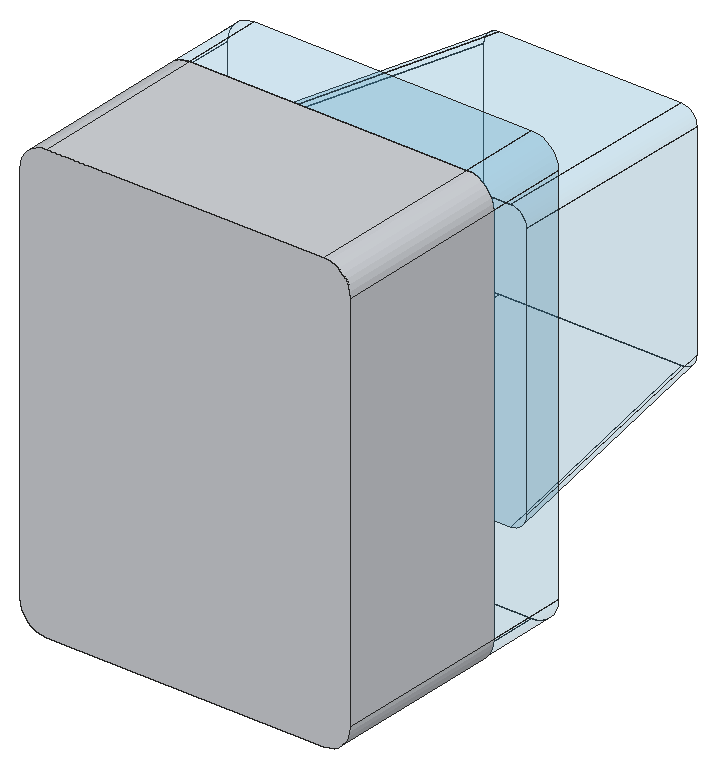
Revit family "Domotics-DomesticRanges-GEWISS-27COMBI_SYSTEM-IP55_INDICATOR_LAMPS", category Modelli generici, host Muro, Revit 2016
Family settings
  Host = Muro
  Tipo di parte = Normale
  Può ospitare armatura = No
  Quota connettore circolare = Usa diametro
  Sempre verticale = Sì
  Taglio con vuoti quando caricato = No
  Condiviso = No
  Punto di calcolo locali = No
Parameters (values of type "GW27419 - Blu watertight diffuser lamp")
  Version file RFA = "18.0"
  URL = "https://www.gewiss.com/ww/en"
  Thermo-pressure with ball = "70 °C"
  Technical sheet = "https://www.gewiss.com/ww/en/search?q=GW27419"
  Standard = "EN 60598-1"
  Realized by GEWISS S.p.A. = ""
  Rated voltage = "230V ac"
  Produttore = "GEWISS S.p.A."
  Power = "Max 15W"
  Outer dim. LxHxD (mm) = "66x82x95"
  Modello = "GW27419"
  Lampholder type = "E14"
  Insulation class = "II"
  Installation temperature = "-25 +60 °C"
  Immagine tipo = GW27419.jpg
  IP degree = "IP55"
  IFC.TypeObject = ""
  IFC.ExportType = ""
  IFC.ExportAs = ""
  IDT = "7b0adaca-5341-4719-835f-f8f4d184b5d8"
  IDF = "3d05019a-1903-455a-b8c8-52a1bfdd14c6"
  Glow Wire Test = "650°C"
  Electrocod = "0132                "
  EAN code = "8011564056213"
  Diffuser colour = "Light blue"
  Descrizione = "BLU WATERTIGHT DIFFUSER LAMP"
  Colour = "Grey RAL 7035"
  Colore diffusore = GEWISS VETRINO AZZURRO
  Catalogue Range = "27COMBI"
  Catalogue = "DOMOTICS"
  COBie.Tagnumber = ""
  COBie.CreatedOn = ""
  COBie.CreatebBy = ""
  COBie.ComponentRegisterItemID = ""
  COBie.Component.TagNumber = ""
  COBie.Component.Space = ""
  COBie.Component.SerialNumber = ""
  COBie.Component.InstallationDate = ""
  COBie.Component.Description = ""
  COBie.Component.BarCode = ""
Types (5, lengths in mm): name | Technical sheet | Modello | Immagine tipo | IDT | EAN code | Diffuser colour | Descrizione | Colore diffusore
  GW27416 - Green watertight diffuser lamp | "https://www.gewiss.com/ww/en/search?q=GW27416" | "GW27416" | GW27416.jpg | "f4ff7f06-400b-4c3f-a95a-1bb700d48295" | "8011564056183" | "Green" | "GREEN WATERTIGHT DIFFUSER LAMP" | GEWISS VETRINO VERDE
  GW27417 - Yellow watertight diffuser lamp | "https://www.gewiss.com/ww/en/search?q=GW27417" | "GW27417" | GW27417.jpg | "07bb7a50-f6bf-4534-a6ee-346ebfc40cac" | "8011564056190" | "Yellow" | "YELLOW WATERTIGHT DIFFUSER LAMP" | GEWISS VETRINO GIALLO
  GW27418 - Transparent watertight diffuser lamp | "https://www.gewiss.com/ww/en/search?q=GW27418" | "GW27418" | GW27418.jpg | "b49ef14d-3087-440a-93ab-3666984f7c98" | "8011564056206" | "Transparent" | "TRANSPARENT WATERTIGHT DIFFUSER LAMP" | GEWISS VETRINO TRASPARENTE
  GW27415 - Red watertight rcd diffuser lamp | "https://www.gewiss.com/ww/en/search?q=GW27415" | "GW27415" | GW27415.jpg | "fc33ad13-96e5-4ee3-9ff9-f3dcbeb94b03" | "8011564056176" | "Red" | "RED WATERTIGHT RCD DIFFUSER LAMP" | GEWISS VETRINO ROSSO
  GW27419 - Blu watertight diffuser lamp | "https://www.gewiss.com/ww/en/search?q=GW27419" | "GW27419" | GW27419.jpg | "7b0adaca-5341-4719-835f-f8f4d184b5d8" | "8011564056213" | "Light blue" | "BLU WATERTIGHT DIFFUSER LAMP" | GEWISS VETRINO AZZURRO
Reference planes
  plane 1 "Muro": y = 0
  plane 2 "Centro (Sinistra/Destra)": x = 125
  plane 3 "Indietro": y = 75
  plane 4: x = 156
  plane 5: x = 94
  plane 6: z = 1127
  plane 7: z = 1045
  plane 8: y = 123.744
  plane 9: x = 156
  plane 10: x = 94
  plane 11: y = 170
  plane 12: y = 108.5
Forms (mm)
  Extrusion 1, solid
    sketch origin (0, 0, -900) x (1, 0, 0) y (0, 0, 1)
      loop
        line (151, 2027) -> (99, 2027)
        arc (99, 2027) -> (95.464, 2025.536) -> (94, 2022) r 5
        line (94, 2022) -> (94, 1950)
        arc (94, 1950) -> (95.464, 1946.464) -> (99, 1945) r 5
        line (99, 1945) -> (151, 1945)
        arc (151, 1945) -> (154.536, 1946.464) -> (156, 1950) r 5
        line (156, 1950) -> (156, 2022)
        arc (156, 2022) -> (154.536, 2025.536) -> (151, 2027) r 5
    from -108.5 to -75
  Blend 2, solid, material "GEWISS VETRINO AZZURRO" <- "Colore diffusore"
    base sketch origin (0.321, 0, 0.049) x (1, 0, 0) y (0, 0, 1)
      loop
        line (146.679, 1113.156) -> (102.679, 1113.156)
        arc (102.679, 1113.156) -> (100.557, 1112.278) -> (99.679, 1110.156) r 3
        line (99.679, 1110.156) -> (99.679, 1061.949)
        arc (99.679, 1061.949) -> (100.557, 1059.827) -> (102.679, 1058.949) r 3
        line (102.679, 1058.949) -> (146.679, 1058.949)
        arc (146.679, 1058.949) -> (148.8, 1059.827) -> (149.679, 1061.949) r 3
        line (149.679, 1061.949) -> (149.679, 1110.156)
        arc (149.679, 1110.156) -> (148.8, 1112.278) -> (146.679, 1113.156) r 3
    top sketch origin (0.321, 0, 0.049) x (1, 0, 0) y (0, 0, 1)
      loop
        line (107.679, 1063.949) -> (141.679, 1063.949)
        arc (141.679, 1063.949) -> (143.8, 1064.827) -> (144.679, 1066.949) r 3
        line (144.679, 1066.949) -> (144.679, 1105.156)
        arc (144.679, 1105.156) -> (143.8, 1107.278) -> (141.679, 1108.156) r 3
        line (141.679, 1108.156) -> (107.679, 1108.156)
        arc (107.679, 1108.156) -> (105.557, 1107.278) -> (104.679, 1105.156) r 3
        line (104.679, 1105.156) -> (104.679, 1066.949)
        arc (104.679, 1066.949) -> (105.557, 1064.827) -> (107.679, 1063.949) r 3
    from -123.744 to -170
  Extrusion 3, solid, material "GEWISS VETRINO AZZURRO" <- "Colore diffusore"
    sketch origin (0, 33.744, -900) x (1, 0, 0) y (0, 0, 1)
      loop
        line (151, 2027) -> (99, 2027)
        arc (99, 2027) -> (95.464, 2025.536) -> (94, 2022) r 5
        line (94, 2022) -> (94, 1950)
        arc (94, 1950) -> (95.464, 1946.464) -> (99, 1945) r 5
        line (99, 1945) -> (151, 1945)
        arc (151, 1945) -> (154.536, 1946.464) -> (156, 1950) r 5
        line (156, 1950) -> (156, 2022)
        arc (156, 2022) -> (154.536, 2025.536) -> (151, 2027) r 5
    from -90 to -74.756
Lines and regions (mm)
  model lines, detail levels fine
    curve 1: circle (151.667, 123.744, 1121.055) r 3.453 normal (0, -1, 0)
    curve 2: circle (151.667, 123.744, 1121.055) r 1.602 normal (0, -1, 0)
    curve 3: circle (98.333, 123.744, 1121.055) r 3.453 normal (0, 1, 0)
    curve 4: circle (98.333, 123.744, 1121.055) r 1.602 normal (0, 1, 0)
    curve 5: circle (151.667, 123.744, 1051.148) r 3.453 normal (0, 1, 0)
    curve 6: circle (151.667, 123.744, 1051.148) r 1.602 normal (0, 1, 0)
    curve 7: circle (98.333, 123.744, 1051.148) r 3.453 normal (0, -1, 0)
    curve 8: circle (98.333, 123.744, 1051.148) r 1.602 normal (0, -1, 0)
    curve 9: circle (156, 91.791, 1086) r 11.432 normal (1, 0, 0)
    curve 10: line (156, 108.5, 1072.095) -> (156, 75, 1072.095)
    curve 11: line (156, 108.5, 1099.905) -> (156, 75.244, 1099.905)
    curve 12: circle (94, 91.791, 1086) r 11.432 normal (1, 0, 0)
    curve 13: line (94, 108.5, 1072.095) -> (94, 75, 1072.095)
    curve 14: line (94, 108.5, 1099.905) -> (94, 75.244, 1099.905)
Text (mm)
  text "Lato posizionamento" at (-1848.837, 1116.779, 0), in view "Livello rif."
  text "Lato posizionamento" at (0, 1409.804, 2854.306), in view "Sinistra"
  text "Lato posizionamento" at (0, 499.811, 2980.732), in view "Destra"
Dimensions and locks
  locked: plane 3 "Indietro" to host wall
  locked: plane 5 to plane 4 at 62
  equal spacing: plane 5, plane 2 "Centro (Sinistra/Destra)", plane 4
  locked: plane 7 to plane 6 at 82
  locked: plane 3 "Indietro" to plane 11 at 95
  locked: plane 3 "Indietro" to plane 8 at 48.744
  plane 3 "Indietro" to plane 12 = 33.5 mm
  aligned and locked: plane 1 "Muro" to host wall
  aligned and locked: plane 4 to Extrusion 1 sketch curve
  aligned and locked: Extrusion 1 sketch curve to plane 5
  aligned and locked: Extrusion 1 sketch curve to plane 6
  aligned and locked: plane 7 to Extrusion 1 sketch curve
  aligned and locked: plane 3 "Indietro" to Extrusion 1
  aligned and locked: Blend 2 to plane 11
  aligned and locked: plane 8 to Blend 2
  aligned and locked: plane 12 to Extrusion 1
  aligned and locked: Extrusion 3 to plane 12
  aligned and locked: Extrusion 3 to plane 8
Automatic sketch dimensions
  Extrusion 1 sketch curve to plane 5 = 5 mm  (x2)
  plane 4 to Extrusion 1 sketch curve = 5 mm
  Extrusion 1 sketch curve to Extrusion 1 sketch curve = 5 mm
  Blend 2 sketch curve to plane 5 = 6 mm
  Blend 2 sketch curve to Blend 2 sketch curve = 3 mm  (x6)
  plane 4 to Blend 2 sketch curve = 9 mm  (x2)
  plane 7 to Blend 2 sketch curve = 13.998 mm
  Blend 2 sketch curve to plane 6 = 16.795 mm
  Blend 2 sketch curve to plane 5 = 11 mm
  plane 4 to Blend 2 sketch curve = 14 mm  (x2)
  plane 7 to Blend 2 sketch curve = 18.998 mm
  Blend 2 sketch curve to plane 6 = 21.795 mm
  plane 5 to Extrusion 3 sketch curve = 0 mm
  Extrusion 3 sketch curve to plane 6 = 0 mm
  Extrusion 3 sketch curve to plane 7 = 0 mm
  plane 4 to Extrusion 3 sketch curve = 0 mm
  Extrusion 3 sketch curve to plane 5 = 5 mm  (x2)
  plane 4 to Extrusion 3 sketch curve = 5 mm
  Extrusion 3 sketch curve to Extrusion 3 sketch curve = 5 mm
  curve 1 to curve 2 = 0 mm  (x2)
  curve 3 to curve 4 = 0 mm  (x2)
  curve 5 to curve 6 = 0 mm  (x2)
  curve 7 to curve 8 = 0 mm  (x2)
  Extrusion 3 to curve 7 = 4.333 mm
  Extrusion 3 to curve 3 = 4.333 mm
  Extrusion 3 to curve 6 = 4.333 mm
  Extrusion 3 to curve 2 = 4.333 mm
  Extrusion 3 to curve 7 = 6.148 mm
  Extrusion 3 to curve 6 = 6.148 mm
  Extrusion 3 to curve 4 = 5.945 mm
  Extrusion 3 to curve 2 = 5.945 mm
  curve 14 to Extrusion 1 = 0 mm
  curve 13 to Extrusion 1 = 0 mm  (x2)
  Extrusion 1 to curve 12 = 16.709 mm
  curve 12 to Extrusion 1 = 36 mm
  curve 14 to curve 12 = 13.905 mm
  curve 12 to curve 13 = 13.905 mm
  Extrusion 1 to curve 14 = 0.244 mm
  curve 10 to Extrusion 1 = 0 mm  (x2)
  curve 11 to Extrusion 1 = 0 mm
  Extrusion 1 to curve 9 = 16.709 mm
  curve 9 to Extrusion 1 = 36 mm
  curve 10 to curve 9 = 13.905 mm
  Extrusion 1 to curve 11 = 0.244 mm
  curve 9 to curve 11 = 13.905 mm
  radius of curve 1 = 3.453 mm
  radius of curve 2 = 1.602 mm
  radius of curve 3 = 3.453 mm
  radius of curve 4 = 1.602 mm
  radius of curve 5 = 3.453 mm
  radius of curve 6 = 1.602 mm
  radius of curve 7 = 3.453 mm
  radius of curve 8 = 1.602 mm
  radius of curve 12 = 11.432 mm
  radius of curve 9 = 11.432 mm
